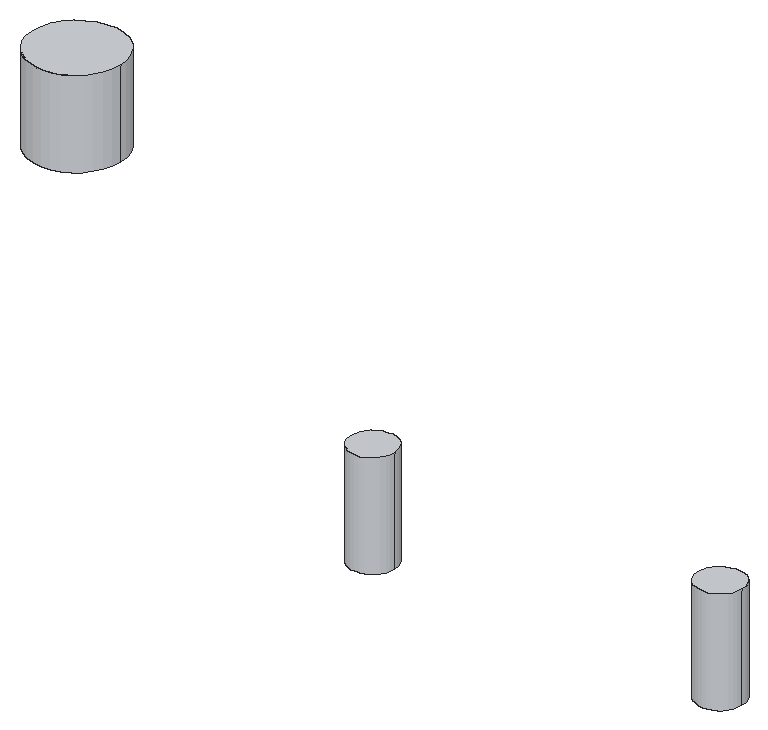
Revit family "Hidroaero Cataluña Isla", category Aparatos sanitarios, Revit 2017
Family settings
  Anfitrión = Muro
  Cota de conector redondo = Diámetro de uso
  Tipo de pieza = Normal
  Número OmniClass = 23.45.05.17
  Título OmniClass = Sanitary Leisure Units
  Siempre vertical = Sí
  Corte con vacíos al cargar = No
  Compartido = No
  Punto de cálculo de habitación = No
Parameters (values of type "Bonaire")
  URL = "www.firplak.com"
  Tabla de costo = "www.firplak.com/B2B"
  Modelo = "Bonaire"
  Fabricante = "Firplak SA"
  Largo = 183 mm
  Descripción = "Hidromasaje Bonaire de empotrar lado A"
  Costo = 0
  Ancho = 152 mm
  Alto = 52 mm
Types (2, lengths in mm): name | URL | Tabla de costo | Modelo | Fabricante | Largo | Descripción | Ancho | Alto
  Tipo 1 | 0 | "" | 0 | 0 | 0 | 0 | 0 | 0
  Bonaire | "www.firplak.com" | "www.firplak.com/B2B" | "Bonaire" | "Firplak SA" | 183 | "Hidromasaje Bonaire de empotrar lado A" | 152 | 52
Reference planes
  plane 1: y = 0
  plane 2 "Centro (Izquierda/Derecha)": x = 125
  plane 3 "Posterior": y = 75
  plane 4: z = 566
  plane 5: x = 885
  plane 6 "Referencia desagüe": x = -564.724
Forms (mm)
  Extrusion 1, solid
    sketch origin (0, 0, 0) x (1, 0, 0) y (0, 1, 0)
      loop
        circle (-415.6, 539.6) r 25.4
    from 0 to 50
  Extrusion 2, solid
    sketch origin (0, 0, 0) x (1, 0, 0) y (0, 1, 0)
      loop
        circle (126.535, 325) r 12.7
      loop
        circle (-73.465, 325) r 12.7
    from 0 to 60
Lines and regions (mm)
  reference lines
    curve 1: line (-1875, 75, 0) -> (2125, 75, 0)
    curve 2: line (2125, 75, 0) -> (2125, -75, 0)
    curve 3: line (2125, -75, 0) -> (-1875, -75, 0)
    curve 4: line (-1875, -75, 0) -> (-1875, 75, 0)
Text (mm)
  text "Placement side" at (-2340.892, 592.35, 0), in view "Nivel de referencia"
  text "Placement side" at (0, 1827.695, 2917.686), in view "Izquierda"
  text "Placement side" at (0, 562.268, 3853.606), in view "Derecha"
Dimensions and locks
  locked: plane 3 "Posterior" to host wall at 0
  host wall to Extrusion 1 sketch curve = 565 mm
  curve 4 to Extrusion 1 sketch curve = 1434 mm
  plane 6 "Referencia desagüe" to Extrusion 1 = 174.524 mm
  Extrusion 2 sketch curve to Extrusion 2 sketch curve = 200 mm
  host wall to Extrusion 2 sketch curve = 250 mm  (x2)
  curve 2 to Extrusion 2 sketch curve = 1985.765 mm
  host wall to Extrusion 2 = 250 mm
  connector elem to connector elem = 200 mm
  connector elem to plane 5 = 758.465 mm
  aligned and locked: host wall to plane 1
Connectors
  piping at (-415.6, 539.6, 50), diameter 50.8
    settings: on Extrusion 1, index 1, connector inside diameter 609.6 mm, connector length 0 mm, flow factor 0, pipe flow 0.0 L/s, pressure drop 0.0 Pa, fitting loss kfactor 0, connector angle 0.00°, fixture units 0, engagement length 0 mm, angle of deflection 0.00°, flow configuration 1, flow direction 2, fitting loss method 0, system type 16, joint type 0, gender type 0, connector reference index -1, connector utility 0, adjustable connector no, is connector primary yes, connector description "Conección de desagüe"
  piping at (126.535, 325, 60), diameter 12.7
    settings: on Extrusion 2, index 5, connector inside diameter 609.6 mm, connector length 0 mm, flow factor 0, pipe flow 0.0 L/s, pressure drop 0.0 Pa, fitting loss kfactor 0, connector angle 0.00°, fixture units 0, engagement length 0 mm, angle of deflection 0.00°, flow configuration 0, flow direction 1, fitting loss method 0, system type 19, joint type 0, gender type 0, connector reference index -1, connector utility 0, adjustable connector no, is connector primary no, connector description "Acometida de agua caliente"
  piping at (-73.465, 325, 60), diameter 12.7
    settings: on Extrusion 2, index 6, connector inside diameter 609.6 mm, connector length 0 mm, flow factor 0, pipe flow 0.0 L/s, pressure drop 0.0 Pa, fitting loss kfactor 0, connector angle 0.00°, fixture units 0, engagement length 0 mm, angle of deflection 0.00°, flow configuration 0, flow direction 1, fitting loss method 0, system type 20, joint type 0, gender type 0, connector reference index -1, connector utility 0, adjustable connector no, is connector primary no, connector description "Acometida de agua fria"
